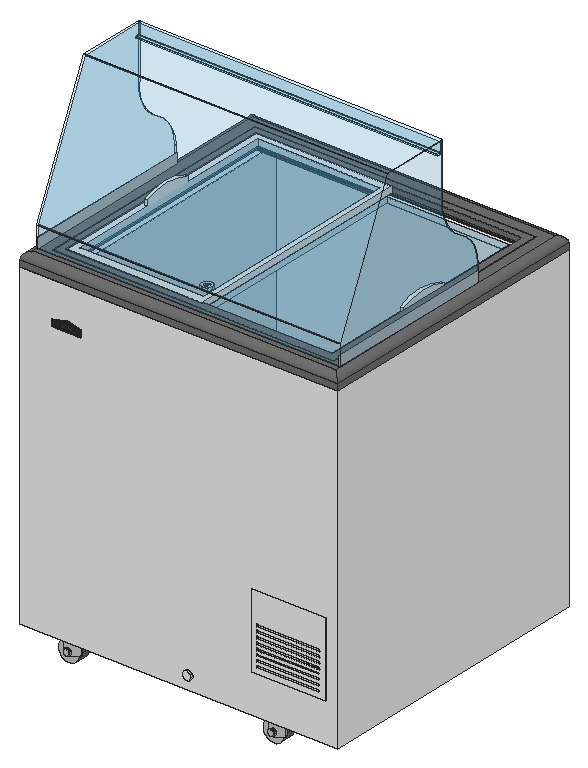
Revit family "Qf_Summit_NOVA22PDC_7.2 Cu.Ft. Dipping Cabinet", category Specialty Equipment, Revit 2020
Family settings
  Round Connector Dimension = Use Diameter
  Part Type = Normal
  Work Plane-Based = No
  Always vertical = Yes
  Cut with Voids When Loaded = No
  Shared = No
  Room Calculation Point = No
Parameters
  Weight in Pounds = 130
  Watts = FL Amps * Volts  # 828 W
  Volts = 115 V
  URL Cutsheet = ""
  Specification by User = ""
  Specification by Manufacturer = ""
  Show Clearance [instance] = yes
  Serial Number = ""
  Seismic Rating = ""
  SMACNA No = ""
  Revision Code = ""
  Refrigerant Volume = 0.00 kip
  Refrigerant Type = "R290a"
  Phase = 1
  Number of Poles = 1
  NAFEM Spec ID Number = ""
  Model = "NOVA22PDC"
  Min Ckt Ampacity = 0 A
  Max Overcurrent Protection = 0 A
  Masterspec = ""
  Manufacturer = "Summit"
  Length = 30"
  Item Number = ""
  Installed By = ""
  Identify Quantity as Lot = yes
  Height = 48 1/4"
  HP = ""
  Furnished By = ""
  Foodservice Equipment Identifier = yes
  FL Amps = 7.2 A
  Electrical Remarks = ""
  Electric Connection Type = ""
  Elec Conn RI Height = 0"
  Elec Conn Connection Height = 0"
  Description = "7.2 Cu.Ft. Dipping Cabinet"
  Depth = 27 1/4"
  Default Elevation = 0"
  Cycle = 60 Hz
  Conn Plug = ""
  Conn Conduit = yes
  CSI MasterFormat = ""
  Apparent Power = 828 VA
Reference planes (in)
  plane 1: z = 0
  plane 2 "LEFT": x = 0
  plane 3 "RIGHT": x = 30
  plane 4 "FRONT": y = -28
  plane 5 "TOP": z = 34.25
  plane 6 "Center Y": x = 15
  plane 7 "Center X": y = -14.375
  plane 8 "BACK": y = -0.75
  plane 9: z = 2.75
  plane 10: x = 0.75
  plane 11: x = 3.71343
  plane 12: x = 23.05641
  plane 13: x = 3.125
  plane 14: x = 26.875
  plane 15: x = 19
  plane 16: z = 45.5
  plane 17: z = 48.25
Forms (in)
  Sweep 1, solid, material "QF_Plastic_Dark_Grey"
    path origin (0, 0, 0) x (1, 0, 0) y (0, 1, 0)
      loop
        line (0, -0.75) -> (0, -28) -> (30, -28) -> (30, -0.75) -> (0, -0.75)
    profile origin (0, -14.375, 0) x (1, 0, 0) y (0, 0, 1)
      loop
        line (0, 33) -> (1.7, 33) -> (1.7, 34.25) -> (0.75, 34.25) -> (0.67874, 34.25)
        arc (0.67874, 34.25) -> (0.1988, 34.0512) -> (0, 33.57126) r 0.67874
        line (0, 33.57126) -> (0, 33)
  Extrusion 2, solid, material "QF_Metallic_Paint_White_Smooth"
    sketch origin (0, 0, 0) x (1, 0, 0) y (0, 1, 0)
      loop
        line (3.125, -27) -> (26.875, -27) -> (26.875, -1.75) -> (3.125, -1.75) -> (3.125, -27)
      loop
        line (30, -0.75) -> (0, -0.75) -> (0, -28) -> (30, -28) -> (30, -0.75)
    from 2.75 to 33
  Extrusion 3, solid, material "QF_Metallic_Paint_White_Smooth"
    sketch origin (0, 0, 0) x (1, 0, 0) y (0, 1, 0)
      loop
        line (2.4, -3.15) -> (2.4, -25.6) -> (15.25, -25.6) -> (15.25, -3.15) -> (2.4, -3.15)
      loop
        line (3.075, -3.8) -> (3.075, -24.8) -> (14.75, -24.8) -> (14.75, -3.8) -> (3.075, -3.8)
    from 33.70906 to 34.25
  Extrusion 4, solid, material "Glass"
    sketch origin (0, 0, 0) x (1, 0, 0) y (0, 1, 0)
      loop
        line (3.075, -3.8) -> (3.075, -24.8) -> (14.75, -24.8) -> (14.75, -3.8) -> (3.075, -3.8)
    from 33.63932 to 34.25
  Extrusion 5, solid, material "QF_Metallic_Paint_White_Smooth"
    sketch origin (0, -0.75, 0) x (1, 0, 0) y (0, 0, 1)
      loop
        line (1, 5.63) -> (1, 2.75) -> (26.875, 2.75) -> (26.875, 15.38) -> (19, 15.38) -> (19, 5.63) -> (1, 5.63)
    from 1 to 26.25
  Sweep 6, solid, material "QF_Plastic_Dark_Grey"
    path origin (30, -0.23757, 34.27864) x (-1, 0, 0) y (0, -1, 0)
      loop
        line (27.6, 2.91243) -> (27.6, 25.36243) -> (2.4, 25.36243) -> (2.4, 2.91243) -> (27.6, 2.91243)
    profile origin (15, -3.15, 34.27864) x (0, 1, 0) y (0, 0, 1)
      loop
        line (0, -0.02864) -> (0, -0.56958) -> (-0.23757, -0.56958) -> (-0.23757, -0.63932) -> (0, -0.63932) -> (0, -1.18026) -> (-0.23757, -1.18026) -> (-0.23757, -1.27864) -> (0.7, -1.27864) -> (0.7, -0.02864) -> (0, -0.02864)
  Extrusion 7, solid, material "QF_Metallic_Paint_White_Smooth"
    sketch origin (30, 0, -0.61068) x (-1, 0, 0) y (0, -1, 0)
      loop
        line (2.4, 3.15) -> (15.25, 3.15) -> (15.25, 25.45) -> (2.4, 25.45) -> (2.4, 3.15)
      loop
        line (3.075, 3.8) -> (14.75, 3.8) -> (14.75, 24.8) -> (3.075, 24.8) -> (3.075, 3.8)
    from 33.70906 to 34.25
  Extrusion 8, solid, material "Glass"
    sketch origin (30, 0, -0.61068) x (-1, 0, 0) y (0, -1, 0)
      loop
        line (3.075, 3.8) -> (14.75, 3.8) -> (14.75, 24.8) -> (3.075, 24.8) -> (3.075, 3.8)
    from 33.70906 to 34.25
  Extrusion 9, solid, material "QF_Metallic_Paint_White_Smooth"
    sketch origin (23.88, 0, 0) x (0, 1, 0) y (0, 0, 1)
      loop
        line (-16.73455, 34.25) -> (-12.01545, 34.25) -> (-12.01545, 34.75)
        arc (-12.01545, 34.75) -> (-14.375, 35.25) -> (-16.73455, 34.75) r 5.8175
        line (-16.73455, 34.75) -> (-16.73455, 34.25)
    from -21.14193 to -20.805
  Extrusion 10, solid, material "QF_Metallic_Paint_White_Smooth"
    sketch origin (6.12, 0, -0.61068) x (0, 1, 0) y (0, 0, -1)
      loop
        line (-16.73455, -34.25) -> (-16.73455, -34.75)
        arc (-16.73455, -34.75) -> (-14.375, -35.25) -> (-12.01545, -34.75) r 5.8175
        line (-12.01545, -34.75) -> (-12.01545, -34.25) -> (-16.73455, -34.25)
    from -21.14193 to -20.805
  Extrusion 11, solid, material "QF_Metallic_Paint_White_Smooth"
    sketch origin (0, -28, 0) x (1, 0, 0) y (0, 0, 1)
      loop
        line (21.875, 13.375) -> (21.875, 6.375) -> (28.875, 6.375) -> (28.875, 13.375) -> (21.875, 13.375)
      loop
        line (22.375, 10.625) -> (22.375, 10.375) -> (28.375, 10.375) -> (28.375, 10.625) -> (22.375, 10.625)
      loop
        line (28.375, 10.125) -> (22.375, 10.125) -> (22.375, 9.875) -> (28.375, 9.875) -> (28.375, 10.125)
      loop
        line (22.375, 9.625) -> (22.375, 9.375) -> (28.375, 9.375) -> (28.375, 9.625) -> (22.375, 9.625)
      loop
        line (28.375, 9.125) -> (22.375, 9.125) -> (22.375, 8.875) -> (28.375, 8.875) -> (28.375, 9.125)
      loop
        line (22.375, 8.625) -> (22.375, 8.375) -> (28.375, 8.375) -> (28.375, 8.625) -> (22.375, 8.625)
      loop
        line (28.375, 8.125) -> (22.375, 8.125) -> (22.375, 7.875) -> (28.375, 7.875) -> (28.375, 8.125)
      loop
        line (22.375, 7.625) -> (22.375, 7.375) -> (28.375, 7.375) -> (28.375, 7.625) -> (22.375, 7.625)
      loop
        line (28.375, 7.125) -> (22.375, 7.125) -> (22.375, 6.875) -> (28.375, 6.875) -> (28.375, 7.125)
    from 0 to 0.03125
  Extrusion 12, solid, material "QF_Metallic_Paint_White_Smooth"
    sketch origin (0, -0.75, 0) x (1, 0, 0) y (0, 0, 1)
      loop
        circle (27, 5.375) r 0.25
    from 0 to -0.23344
  Extrusion 13, solid, material "QF_Metallic_Paint_White_Smooth"
    sketch origin (0, -28, 0) x (1, 0, 0) y (0, 0, 1)
      loop
        circle (15.875, 4) r 0.40028
    from 0 to 0.15886
  Extrusion 14, solid, material "QF_Metal - Stainless - Polished"
    sketch origin (0, 0, 0) x (1, 0, 0) y (0, 1, 0)
      loop
        circle (14, -23.4375) r 0.5
      loop
        circle (14, -23.4375) r 0.25
      loop
        line (13.96875, -23.48766) -> (13.96875, -23.63444)
        arc (13.96875, -23.63444) -> (14, -23.66569) -> (14.03125, -23.63444) r 0.03125
        line (14.03125, -23.63444) -> (14.03125, -23.48766)
        arc (14.03125, -23.48766) -> (14, -23.3784) -> (13.96875, -23.48766) r 0.0591
    from 34.13696 to 34.35247
Cuts and joins
  joined: Extrusion 2, Extrusion 5, Extrusion 11, Extrusion 12
  joined: Extrusion 3, Extrusion 9
  joined: Extrusion 7, Extrusion 10
Lines and regions (in)
  Split face 1
    outline origin (21.875, -28.03125, 13.375) x (-1, 0, 0) y (0, 0, -1)
      loop
        arc (-2, 1.7125) -> (-2.02929, 1.78321) -> (-2.1, 1.8125) r 0.1
        line (-2.1, 1.8125) -> (-4.9, 1.8125)
        arc (-4.9, 1.8125) -> (-4.97071, 1.78321) -> (-5, 1.7125) r 0.1
        line (-5, 1.7125) -> (-5, 0.6)
        arc (-5, 0.6) -> (-4.97071, 0.52929) -> (-4.9, 0.5) r 0.1
        line (-4.9, 0.5) -> (-2.1, 0.5)
        arc (-2.1, 0.5) -> (-2.02929, 0.52929) -> (-2, 0.6) r 0.1
        line (-2, 0.6) -> (-2, 1.7125)
  Split face 2
    outline origin (21.875, -28.03125, 13.375) x (-1, 0, 0) y (0, 0, -1)
      loop
        line (-2.625, 0.6875) -> (-2.625, 1.375) -> (-4.374, 1.375) -> (-4.374, 0.6875) -> (-2.625, 0.6875)
  Split face 3
    outline origin (21.875, -28.03125, 13.375) x (-1, 0, 0) y (0, 0, -1)
      loop
        arc (-2.4061, 0.67406) -> (-2.3125, 0.54855) -> (-2.2189, 0.67406) r 0.09766
        arc (-2.2189, 0.67406) -> (-2.24545, 0.75668) -> (-2.26367, 0.84152) r 0.87424
        line (-2.26367, 0.84152) -> (-2.26974, 0.93917) -> (-2.35526, 0.93917) -> (-2.36133, 0.84152)
        arc (-2.36133, 0.84152) -> (-2.37955, 0.75668) -> (-2.4061, 0.67406) r 0.87424
  Split face 4
    outline origin (21.875, -28.03125, 13.375) x (-1, 0, 0) y (0, 0, -1)
      loop
        line (-4.59026, 0.82885) -> (-4.6875, 0.81322) -> (-4.78474, 0.82885) -> (-4.6875, 0.66041) -> (-4.59026, 0.82885)
  Split face 5
    outline origin (21.875, -28.03125, 13.375) x (-1, 0, 0) y (0, 0, -1)
      loop
        line (-4.6875, 1.09273) -> (-4.59026, 1.07711) -> (-4.6875, 1.24554) -> (-4.78474, 1.07711) -> (-4.6875, 1.09273)
  Split face 6
    outline origin (21.875, -28.03125, 13.375) x (-1, 0, 0) y (0, 0, -1)
      loop
        arc (-4.67187, 1.54954) -> (-4.6875, 1.73573) -> (-4.70312, 1.54954) r 0.09375
        line (-4.70312, 1.54954) -> (-4.70312, 1.48913) -> (-4.67187, 1.48913) -> (-4.67187, 1.54954)
  symbolic lines
    curve 1: line (0, -0.75, 0) -> (30, -0.75, 0)
    curve 2: line (0, -28, 0) -> (0, -0.75, 0)
    curve 3: line (30, -28, 0) -> (0, -28, 0)
    curve 4: line (30, -0.75, 0) -> (30, -28, 0)
    curve 5: line (28.3, -10.5, 0) -> (28.3, -2.45, 0)
    curve 6: line (1.7, -2.45, 0) -> (1.7, -26.3, 0)
    curve 7: line (28.3, -2.45, 0) -> (1.7, -2.45, 0)
    curve 8: line (28.3, -26.3, 0) -> (28.3, -2.45, 0)
    curve 9: line (26.925, -3.8, 0) -> (15.25, -3.8, 0)
    curve 10: line (3.075, -3.8, 0) -> (3.075, -10.5, 0)
    curve 11: line (26.925, -24.8, 0) -> (26.925, -3.8, 0)
    curve 12: line (15.25, -10.5, 0) -> (15.25, -3.8, 0)
    curve 13: line (14.75, -10.5, 0) -> (14.75, -3.8, 0)
    curve 14: line (2.4, -3.15, 0) -> (2.4, -25.6, 0)
    curve 15: line (27.6, -25.6, 0) -> (27.6, -3.15, 0)
    curve 16: line (27.6, -3.15, 0) -> (2.4, -3.15, 0)
    curve 17: line (29, -26.875, 0) -> (29, -1.75, 0)
    curve 18: line (1, -1.75, 0) -> (29, -1.75, 0)
    curve 19: line (1, -26.875, 0) -> (1, -1.75, 0)
    curve 20: line (19, -3.8, 0) -> (19, -24.8, 0)
    curve 21: arc (14.5, -23.4375, 0) -> (14, -22.9375, 0) -> (13.5, -23.4375, 0) r 0.5
    curve 22: arc (13.5, -23.4375, 0) -> (14, -23.9375, 0) -> (14.5, -23.4375, 0) r 0.5
    curve 23: arc (13.75, -23.4375, 0) -> (14, -23.1875, 0) -> (14.25, -23.4375, 0) r 0.25
    curve 24: arc (14.25, -23.4375, 0) -> (14, -23.6875, 0) -> (13.75, -23.4375, 0) r 0.25
    curve 25: line (13.96875, -23.48766, 0) -> (13.96875, -23.63444, 0)
    curve 26: arc (13.96875, -23.63444, 0) -> (14, -23.66569, 0) -> (14.03125, -23.63444, 0) r 0.03125
    curve 27: line (14.03125, -23.63444, 0) -> (14.03125, -23.48766, 0)
    curve 28: arc (14.03125, -23.48766, 0) -> (14, -23.3784, 0) -> (13.96875, -23.48766, 0) r 0.0591
    curve 29: line (1.7, -26.3, 0) -> (28.3, -26.3, 0)
    curve 30: line (1.7, -26.3, 0) -> (28.3, -26.3, 0)
    curve 31: line (27.6, -25.6, 0) -> (2.4, -25.6, 0)
    curve 32: line (2.73807, -12.01545, 0) -> (2.73807, -16.73455, 0)
    curve 33: line (3.075, -12.01545, 0) -> (2.73807, -12.01545, 0)
    curve 34: line (2.73807, -16.73455, 0) -> (3.075, -16.73455, 0)
    curve 35: line (27.26193, -12.01545, 0) -> (27.26193, -16.73455, 0)
    curve 36: line (26.925, -12.01545, 0) -> (27.26193, -12.01545, 0)
    curve 37: line (27.26193, -16.73455, 0) -> (26.925, -16.73455, 0)
    curve 38: line (26.925, -24.8, 0) -> (15.25, -24.8, 0)
    curve 39: line (3.075, -24.8, 0) -> (14.75, -24.8, 0)
    curve 40: line (14.75, -24.8, 0) -> (14.75, -3.8, 0)
    curve 41: line (14.75, -3.8, 0) -> (3.075, -3.8, 0)
    curve 42: line (3.075, -3.8, 0) -> (3.075, -24.8, 0)
    curve 43: line (15.25, -25.6, 0) -> (15.25, -3.15, 0)
    curve 44: line (14.75, -3.8, 0) -> (3.075, -3.8, 0)
Dimensions and locks (in)
  equal spacing: plane 2 "LEFT", plane 6 "Center Y", plane 3 "RIGHT"
  "Length": plane 2 "LEFT" to plane 3 "RIGHT"
  equal spacing: plane 4 "FRONT", plane 7 "Center X", plane 8 "BACK"
  plane 5 "TOP" to level = 34 1/4"  (x3)
  plane 3 "RIGHT" to plane 2 "LEFT" = 30"
  "Depth": plane 4 "FRONT" to plane 8 "BACK"
  plane 9 to level = 2 3/4"  (x2)
  locked: plane 11 to plane 2 "LEFT" at 3.71343
  locked: plane 3 "RIGHT" to plane 12 at 6.94359
  plane 5 "TOP" to plane 9 = 31 1/2"
  nested 1 to plane 5 "TOP" = 14"
  cut or joined group of Extrusion 7, Extrusion 10 to cut or joined group of Extrusion 7, Extrusion 10 = 21"
  cut or joined group of Extrusion 2, Extrusion 5, Extrusion 11, Extrusion 12 to plane 14 = 7 7/8"
  plane 15 to plane 14 = 7 7/8"
  plane 14 to plane 15 = 7 7/8"
  plane 16 to plane 1 = 45 1/2"
  plane 17 to level = 48 1/4"
  aligned and locked: level to plane 1
  aligned and locked: nested 2 to plane 11
  aligned and locked: nested 3 to plane 11
  aligned and locked: nested 4 to plane 12
  aligned and locked: nested 5 to plane 12
  aligned and locked: Extrusion 5 to Extrusion 2  (x2)
  aligned and locked: Extrusion 3 to Extrusion 4  (x3)
  aligned and locked: Extrusion 8 to Extrusion 7  (x3)
  aligned and locked: plane 4 "FRONT" to nested 6
Automatic sketch dimensions
  Sweep 1 sketch curve to plane 2 "LEFT" = 0"
  Sweep 1 sketch curve to plane 3 "RIGHT" = 0"
  plane 4 "FRONT" to Sweep 1 sketch curve = 0"
  plane 8 "BACK" to Sweep 1 sketch curve = 0"
  profile plane to Sweep 1 sketch curve = 0"
  plane 10 to Sweep 1 sketch curve = 0"
  Sweep 1 sketch curve to Sweep 1 sketch curve = 0.07126"
  Sweep 1 sketch curve to plane 10 = 0.95"
  level to Sweep 1 sketch curve = 33"
  Sweep 1 sketch curve to Sweep 1 sketch curve = 0.57126"
  Extrusion 2 sketch curve to plane 2 "LEFT" = 0"
  Extrusion 2 sketch curve to plane 13 = 0"
  Extrusion 2 sketch curve to plane 14 = 0"
  Extrusion 2 sketch curve to plane 3 "RIGHT" = 0"
  plane 4 "FRONT" to Extrusion 2 sketch curve = 0"
  plane 8 "BACK" to Extrusion 2 sketch curve = 0"
  Extrusion 2 sketch curve to plane 4 "FRONT" = 1"
  plane 8 "BACK" to Extrusion 2 sketch curve = 1"
  plane 13 to Extrusion 3 sketch curve = 0.725"
  plane 13 to Extrusion 3 sketch curve = 0.05"
  Extrusion 3 sketch curve to plane 6 "Center Y" = 1/4"
  plane 6 "Center Y" to Extrusion 3 sketch curve = 1/4"
  Extrusion 3 sketch curve to plane 4 "FRONT" = 2.4"
  Extrusion 3 sketch curve to Extrusion 3 sketch curve = 0.8"
  plane 8 "BACK" to Extrusion 3 sketch curve = 3.05"
  Extrusion 3 sketch curve to Extrusion 3 sketch curve = 0.65"
  plane 13 to Extrusion 4 sketch curve = 0.05"
  Extrusion 4 sketch curve to plane 6 "Center Y" = 1/4"
  Extrusion 4 sketch curve to plane 4 "FRONT" = 3.2"
  plane 8 "BACK" to Extrusion 4 sketch curve = 3.05"
  Extrusion 5 sketch curve to plane 9 = 0"
  Extrusion 5 sketch curve to plane 15 = 0"
  Extrusion 5 sketch curve to plane 14 = 0"
  plane 2 "LEFT" to Extrusion 5 sketch curve = 1"
  Extrusion 5 sketch curve to plane 9 = 2.88"
  Extrusion 5 sketch curve to Extrusion 5 sketch curve = 9 3/4"
  Sweep 6 sketch curve to profile plane = 0"  (x2)
  Sweep 6 sketch curve to Sweep 6 sketch curve = 0.23757"
  profile plane to Sweep 6 sketch curve = 0.23757"
  Sweep 6 sketch curve to profile plane = 0.02864"
  Sweep 6 sketch curve to profile plane = 0.7"
  Sweep 6 sketch curve to profile plane = 0.56958"
  Sweep 6 sketch curve to Sweep 6 sketch curve = 0.06974"
  Sweep 6 sketch curve to Sweep 6 sketch curve = 0.54094"
  Sweep 6 sketch curve to Sweep 6 sketch curve = 0.09838"
  Extrusion 7 sketch curve to plane 14 = 0.725"
  Extrusion 7 sketch curve to plane 14 = 0.05"
  Extrusion 7 sketch curve to plane 6 "Center Y" = 1/4"
  plane 6 "Center Y" to Extrusion 7 sketch curve = 1/4"
  plane 4 "FRONT" to Extrusion 7 sketch curve = 2.55"
  Extrusion 7 sketch curve to Extrusion 7 sketch curve = 0.65"  (x2)
  Extrusion 7 sketch curve to plane 8 "BACK" = 3.05"
  Extrusion 8 sketch curve to plane 14 = 0.05"
  Extrusion 8 sketch curve to plane 6 "Center Y" = 1/4"
  plane 4 "FRONT" to Extrusion 8 sketch curve = 3.2"
  Extrusion 8 sketch curve to plane 8 "BACK" = 3.05"
  Extrusion 9 sketch curve to plane 5 "TOP" = 0"
  Extrusion 9 sketch curve to plane 7 "Center X" = 0"
  Extrusion 9 sketch curve to plane 7 "Center X" = 2.35955"
  plane 5 "TOP" to Extrusion 9 sketch curve = 1/2"
  plane 7 "Center X" to Extrusion 9 sketch curve = 2.35955"
  Extrusion 9 sketch curve to plane 5 "TOP" = 4.8175"
  Extrusion 10 sketch curve to plane 7 "Center X" = 0"
  Extrusion 10 sketch curve to plane 5 "TOP" = 0.61068"
  Extrusion 10 sketch curve to plane 7 "Center X" = 2.35955"
  Extrusion 10 sketch curve to plane 5 "TOP" = 0.11068"
  plane 7 "Center X" to Extrusion 10 sketch curve = 2.35955"
  Extrusion 10 sketch curve to Extrusion 10 sketch curve = 4.8175"
  Extrusion 2 to Extrusion 11 sketch curve = 3 5/8"
  Extrusion 11 sketch curve to Extrusion 2 = 8 1/8"
  Extrusion 11 sketch curve to Extrusion 11 sketch curve = 1/2"  (x4)
  Extrusion 11 sketch curve to Extrusion 11 sketch curve = 0"  (x13)
  Extrusion 11 sketch curve to Extrusion 2 = 1 5/8"
  Extrusion 11 sketch curve to Extrusion 11 sketch curve = 1/4"  (x15)
  Extrusion 11 sketch curve to Extrusion 11 sketch curve = 2 3/4"
  cut or joined group of Extrusion 2, Extrusion 5, Extrusion 11, Extrusion 12 to Split face 1 sketch curve = 1 1/2"
  Split face 1 sketch curve to Split face 1 sketch curve = 0.1"  (x3)
  Split face 1 sketch curve to cut or joined group of Extrusion 2, Extrusion 5, Extrusion 11, Extrusion 12 = 0.6"
  cut or joined group of Extrusion 2, Extrusion 5, Extrusion 11, Extrusion 12 to Split face 1 sketch curve = 1.6"
  Split face 1 sketch curve to Split face 1 sketch curve = 0"
  Split face 1 sketch curve to cut or joined group of Extrusion 2, Extrusion 5, Extrusion 11, Extrusion 12 = 1.0375"
  Split face 2 sketch curve to cut or joined group of Extrusion 2, Extrusion 5, Extrusion 11, Extrusion 12 = 11/16"
  cut or joined group of Extrusion 2, Extrusion 5, Extrusion 11, Extrusion 12 to Split face 2 sketch curve = 2.126"
  Split face 2 sketch curve to Split face 2 sketch curve = 1.749"
  Split face 2 sketch curve to Split face 2 sketch curve = 11/16"
  Split face 3 sketch curve to cut or joined group of Extrusion 2, Extrusion 5, Extrusion 11, Extrusion 12 = 0.98248"
  cut or joined group of Extrusion 2, Extrusion 5, Extrusion 11, Extrusion 12 to Split face 3 sketch curve = 2.72413"
  Split face 3 sketch curve to cut or joined group of Extrusion 2, Extrusion 5, Extrusion 11, Extrusion 12 = 0.84152"  (x2)
  Split face 3 sketch curve to Split face 3 sketch curve = 0.8628"
  Split face 3 sketch curve to Split face 3 sketch curve = 0.00606"
  Split face 3 sketch curve to Split face 3 sketch curve = 0.04883"
  Split face 3 sketch curve to Split face 3 sketch curve = 0.08553"
  Split face 3 sketch curve to Split face 3 sketch curve = 25/256"  (x2)
  Split face 3 sketch curve to Split face 3 sketch curve = 0.86886"
  Split face 3 sketch curve to Split face 3 sketch curve = 25/128"
  Split face 3 sketch curve to Split face 3 sketch curve = 0.04331"
  Split face 3 sketch curve to Split face 3 sketch curve = 0.0936"
  Split face 4 sketch curve to cut or joined group of Extrusion 2, Extrusion 5, Extrusion 11, Extrusion 12 = 0.82885"  (x2)
  cut or joined group of Extrusion 2, Extrusion 5, Extrusion 11, Extrusion 12 to Split face 4 sketch curve = 1.71526"
  Split face 4 sketch curve to cut or joined group of Extrusion 2, Extrusion 5, Extrusion 11, Extrusion 12 = 0.66041"
  Split face 4 sketch curve to Split face 4 sketch curve = 0.09724"  (x3)
  Split face 4 sketch curve to cut or joined group of Extrusion 2, Extrusion 5, Extrusion 11, Extrusion 12 = 0.81322"
  cut or joined group of Extrusion 2, Extrusion 5, Extrusion 11, Extrusion 12 to Split face 5 sketch curve = 1.71526"
  Split face 5 sketch curve to Split face 5 sketch curve = 0.09724"  (x2)
  Split face 5 sketch curve to Split face 5 sketch curve = 0"  (x2)
  Split face 5 sketch curve to cut or joined group of Extrusion 2, Extrusion 5, Extrusion 11, Extrusion 12 = 1.07711"
  Split face 5 sketch curve to Split face 5 sketch curve = 1/64"
  Split face 5 sketch curve to Split face 5 sketch curve = 0.15281"
  cut or joined group of Extrusion 2, Extrusion 5, Extrusion 11, Extrusion 12 to Split face 6 sketch curve = 1 51/64"
  Split face 6 sketch curve to Split face 6 sketch curve = 1/64"
  Split face 6 sketch curve to Split face 6 sketch curve = 1/32"
  Split face 6 sketch curve to cut or joined group of Extrusion 2, Extrusion 5, Extrusion 11, Extrusion 12 = 1.26087"
  Split face 6 sketch curve to Split face 6 sketch curve = 0.06041"
  Split face 6 sketch curve to Split face 6 sketch curve = 0.09244"
  plane 14 to Extrusion 12 sketch curve = 1/8"
  Extrusion 12 sketch curve to plane 9 = 2 5/8"
  plane 6 "Center Y" to Extrusion 13 sketch curve = 7/8"
  Extrusion 13 sketch curve to plane 9 = 1 1/4"
  Extrusion 14 sketch curve to Extrusion 14 sketch curve = 0"  (x6)
  Extrusion 14 sketch curve to plane 6 "Center Y" = 1 1/32"
  Extrusion 14 sketch curve to Extrusion 14 sketch curve = 1/32"  (x2)
  Extrusion 14 sketch curve to plane 4 "FRONT" = 4.36556"
  Extrusion 14 sketch curve to Extrusion 14 sketch curve = 0.14678"
  Extrusion 14 sketch curve to Extrusion 14 sketch curve = 0.05016"
  plane 14 to Sweep 6 sketch curve = 0.725"
  plane 13 to Sweep 6 sketch curve = 0.725"
  plane 8 "BACK" to Sweep 6 sketch curve = 2.4"
  Sweep 6 sketch curve to plane 4 "FRONT" = 2.4"
  curve 21 to curve 23 = 0"  (x2)
  curve 21 to curve 28 = 0"  (x2)
  curve 3 to plane 2 "LEFT" = 0"
  curve 20 to plane 15 = 0"
  curve 1 to plane 3 "RIGHT" = 0"
  plane 4 "FRONT" to curve 3 = 0"
  plane 8 "BACK" to curve 4 = 0"
  plane 2 "LEFT" to curve 19 = 1"
  curve 19 to curve 30 = 0.7"
  plane 13 to curve 14 = 0.725"
  plane 13 to curve 32 = 0.38693"
  plane 13 to curve 10 = 0.05"
  curve 25 to plane 6 "Center Y" = 1 1/32"
  curve 28 to curve 24 = 1/32"
  curve 26 to curve 26 = 1/32"
  curve 13 to plane 6 "Center Y" = 1/4"
  plane 14 to curve 11 = 0.05"
  curve 37 to curve 37 = 0.33693"
  plane 14 to curve 31 = 0.725"
  curve 15 to curve 5 = 0.7"  (x2)
  curve 5 to curve 17 = 0.7"
  curve 30 to plane 4 "FRONT" = 1.7"
  curve 8 to curve 15 = 0.7"
  curve 43 to curve 39 = 0.8"
  curve 15 to curve 38 = 0.8"
  curve 39 to curve 25 = 1.16556"
  curve 26 to curve 27 = 0.14678"
  curve 27 to curve 22 = 0.05016"
  curve 34 to plane 7 "Center X" = 2.35955"
  curve 35 to plane 7 "Center X" = 2.35955"
  plane 7 "Center X" to curve 36 = 2.35955"
  plane 7 "Center X" to curve 33 = 2.35955"
  plane 8 "BACK" to curve 10 = 3.05"
  plane 8 "BACK" to curve 9 = 3.05"
  curve 10 to curve 14 = 0.65"
  curve 6 to curve 19 = 0.7"
  curve 21 to curve 25 = 15/32"
  curve 24 to curve 25 = 7/32"
  plane 6 "Center Y" to curve 43 = 1/4"
  plane 6 "Center Y" to curve 9 = 1/4"
  curve 17 to curve 8 = 0.575"
  curve 19 to curve 6 = 0.575"
  plane 7 "Center X" to curve 12 = 3 7/8"
  curve 13 to curve 12 = 0"
  curve 33 to curve 10 = 1.51545"
  curve 35 to curve 5 = 1.51545"
  radius of Extrusion 12 sketch curve = 1/4"
  radius of Extrusion 13 sketch curve = 0.40028"
  radius of Extrusion 14 sketch curve = 1/2"
  radius of Extrusion 14 sketch curve = 1/4"
Nested families (in)
  nested 1: "FSNEEZEGUARD for NOVA 22" at (2.80028, 3.125, 33), type "FSNEEZEGUARD for NOVA 22"
  nested 2: "2-34 INCHES_CASTER" at (3.71343, -25.875, 0) x (0, -1, 0) z (0, 0, 1), type "2-34 INCHES_CASTER"
    with Type Mark "", Specification by User "", Show 4.25" Casters yes, Right Lock yes, Revision Code "", Left Lock yes, Item Number "", Installed By "", Identify Quantity as Lot yes, Furnished By "", Foodservice Equipment Identifier yes
  nested 3: "2-34 INCHES_CASTER" at (3.71343, -2.875, 0) x (0, -1, 0) z (0, 0, 1), type "2-34 INCHES_CASTER"
    with Type Mark "", Specification by User "", Show 4.25" Casters yes, Right Lock yes, Revision Code "", Left Lock yes, Item Number "", Installed By "", Identify Quantity as Lot yes, Furnished By "", Foodservice Equipment Identifier yes
  nested 4: "2-34 INCHES_CASTER" at (23.05641, -25.875, 0) x (0, -1, 0) z (0, 0, 1), type "2-34 INCHES_CASTER"
    with Type Mark "", Specification by User "", Show 4.25" Casters yes, Right Lock yes, Revision Code "", Left Lock yes, Item Number "", Installed By "", Identify Quantity as Lot yes, Furnished By "", Foodservice Equipment Identifier yes
  nested 5: "2-34 INCHES_CASTER" at (23.05641, -2.875, 0) x (0, -1, 0) z (0, 0, 1), type "2-34 INCHES_CASTER"
    with Type Mark "", Specification by User "", Show 4.25" Casters yes, Right Lock yes, Revision Code "", Left Lock yes, Item Number "", Installed By "", Identify Quantity as Lot yes, Furnished By "", Foodservice Equipment Identifier yes
  nested 6: "QF_LOGO_SUMMIT" at (3, -28, 29.01586), type "QF_LOGO_SUMMIT"
    with Show Logo yes
Connectors (in)
  electrical at (27, -0.51656, 5.375)
    settings: on cut or joined group of Extrusion 2, Extrusion 5, Extrusion 11, Extrusion 12, index 1, voltage 0 V, apparent load 0 VA, apparent load phase1 0 VA, apparent load phase2 0 VA, apparent load phase3 0 VA, power factor 1, load classification "Other", number of poles 1, system type 31, power factor state 1, is connector primary yes, connector utility no, sub classification motor no, connector description ""
  piping at (15.875, -28.15886, 4), diameter 0.75
    settings: on Extrusion 13, index 2, connector inside diameter 24", connector length 0", flow factor 0, pipe flow 0 GPM, pressure drop 0.00 psi, fitting loss kfactor 0, connector angle 0.00°, fixture units 0, engagement length 0", angle of deflection 0.00°, flow configuration 1, flow direction 2, fitting loss method 0, system type 16, joint type 0, gender type 0, connector reference index -1, connector utility 0, adjustable connector no, is connector primary yes, connector description "Drain"
Definition of nested family "FSNEEZEGUARD for NOVA 22"
  Parameters (values of type "FSNEEZEGUARD for NOVA 22")
    Model = ""
    Manufacturer = ""
    Length = 28 3/4"
    Height = 15 1/4"
    Description = ""
    Depth = 16 3/8"
    Default Elevation = 0"
  Reference planes (in)
    plane 1 "BACK": y = -13.625
    plane 2: z = 0
    plane 3 "LEFT": x = -2.175
    plane 4 "RIGHT": x = 26.575
    plane 5 "FRONT": y = -30
    plane 6 "TOP": z = 15.25
    plane 7 "Center Y": x = 12.2
    plane 8 "Center X": y = -21.8125
    plane 9: z = 1.25
    plane 10: z = 3.25
    plane 11: z = 2.25
    plane 12: z = 10.25
    plane 13: z = 14
  Forms (in)
    Extrusion 1, solid
      sketch origin (23.88, 0, 0) x (0, 1, 0) y (0, 0, 1)
        loop
          line (-29.875, 1.25) -> (-29.875, 3.22229) -> (-24.32467, 15.125) -> (-18.02931, 15.125) -> (-18.02931, 14.125) -> (-18.40431, 14.125) -> (-18.40431, 14) -> (-17.90431, 14) -> (-17.90431, 15.25) -> (-24.40431, 15.25) -> (-30, 3.25) -> (-30, 1.25) -> (-29.875, 1.25)
      from -26.055 to 2.695
    Extrusion 2, solid
      sketch origin (23.88, 0, 0) x (0, 1, 0) y (0, 0, 1)
        loop
          line (-30, 1.25) -> (-13.625, 1.25) -> (-13.625, 2.81069)
          arc (-13.625, 2.81069) -> (-14.23911, 4.81516) -> (-15.76759, 6.25) r 4.07972
          arc (-15.76759, 6.25) -> (-17.47369, 8.00035) -> (-17.87306, 10.41179) r 4.07972
          line (-17.87306, 10.41179) -> (-17.87306, 15.25) -> (-24.40431, 15.25) -> (-30, 3.25) -> (-30, 1.25)
      from -26.055 to -25.93
    Extrusion 3, solid
      sketch origin (23.88, 0, 0) x (0, 1, 0) y (0, 0, 1)
        loop
          line (-30, 2.25) -> (-30, 1.25) -> (-13.625, 1.25) -> (-13.625, 2.25) -> (-30, 2.25)
      from 2.54996 to 2.57
    Extrusion 4, solid
      sketch origin (0.52, 0, 0) x (0, 1, 0) y (0, 0, -1)
        loop
          line (-30, -1.25) -> (-30, -3.25) -> (-24.40431, -15.25) -> (-17.87306, -15.25) -> (-17.87306, -10.41179)
          arc (-17.87306, -10.41179) -> (-17.47369, -8.00035) -> (-15.76759, -6.25) r 4.07972
          arc (-15.76759, -6.25) -> (-14.23911, -4.81516) -> (-13.625, -2.81069) r 4.07972
          line (-13.625, -2.81069) -> (-13.625, -1.25) -> (-30, -1.25)
      from -26.055 to -25.93
    Extrusion 5, solid
      sketch origin (0.52, 0, 0) x (0, 1, 0) y (0, 0, -1)
        loop
          line (-30, -2.25) -> (-13.625, -2.25) -> (-13.625, -1.25) -> (-30, -1.25) -> (-30, -2.25)
      from 2.54996 to 2.57
  Cuts and joins
    joined: Extrusion 1, Extrusion 2, Extrusion 4
  Lines and regions (in)
    symbolic lines
      curve 1: line (-2.175, -13.625, 19.5) -> (-2.05, -13.625, 19.5)
      curve 2: line (-2.175, -30, 19.5) -> (-2.175, -13.625, 19.5)
      curve 3: line (-2.05, -30, 19.5) -> (-2.175, -30, 19.5)
      curve 4: line (-2.05, -13.625, 19.5) -> (-2.05, -30, 19.5)
      curve 5: line (-2.175, -13.625, 19.5) -> (26.575, -13.625, 19.5)
      curve 6: line (-2.175, -30.125, 19.5) -> (-2.175, -13.625, 19.5)
      curve 7: line (26.575, -30.125, 19.5) -> (-2.175, -30.125, 19.5)
      curve 8: line (26.575, -13.625, 19.5) -> (26.575, -30.125, 19.5)
      curve 9: line (26.575, -30, 19.5) -> (26.45, -30, 19.5)
      curve 10: line (26.575, -13.625, 19.5) -> (26.575, -30, 19.5)
      curve 11: line (26.45, -13.625, 19.5) -> (26.575, -13.625, 19.5)
      curve 12: line (26.45, -30, 19.5) -> (26.45, -13.625, 19.5)
      curve 13: line (26.45, -13.75, 19.5) -> (-2.05, -13.75, 19.5)
      curve 14: line (-2.05, -18, 19.5) -> (26.45, -18, 19.5)
      curve 15: line (-2.175, -18.5, 19.5) -> (26.575, -18.5, 19.5)
      curve 16: line (-2.175, -24.5, 19.5) -> (26.575, -24.5, 19.5)
      curve 17: line (-2.175, -30, 19.5) -> (26.575, -30, 19.5)
      curve 18: line (26.45, -17.90431, 19.5) -> (-2.05, -17.90431, 19.5)
  Dimensions and locks (in)
    equal spacing: plane 3 "LEFT", plane 7 "Center Y", plane 4 "RIGHT"
    "Length": plane 3 "LEFT" to plane 4 "RIGHT"
    equal spacing: plane 5 "FRONT", plane 8 "Center X", plane 1 "BACK"
    "Depth": plane 5 "FRONT" to plane 1 "BACK"
    "Height": plane 6 "TOP" to level
    plane 4 "RIGHT" to plane 3 "LEFT" = 28 3/4"
    plane 5 "FRONT" to plane 1 "BACK" = 16 3/8"  (x2)
    plane 6 "TOP" to level = 15 1/4"
    plane 9 to plane 6 "TOP" = 14"
    aligned and locked: level to plane 2
    aligned and locked: Extrusion 1 to plane 3 "LEFT"
    aligned and locked: Extrusion 1 to plane 4 "RIGHT"
  Automatic sketch dimensions
    level to Extrusion 1 sketch curve = 1 1/4"
    Extrusion 1 sketch curve to plane 5 "FRONT" = 0"
    Extrusion 1 sketch curve to plane 6 "TOP" = 0"
    plane 13 to Extrusion 1 sketch curve = 0"
    plane 10 to Extrusion 1 sketch curve = 0"
    Extrusion 1 sketch curve to Extrusion 1 sketch curve = 1/8"  (x2)
    Extrusion 1 sketch curve to plane 8 "Center X" = 2.59181"
    Extrusion 1 sketch curve to plane 6 "TOP" = 1/8"
    Extrusion 1 sketch curve to Extrusion 1 sketch curve = 0.07963"
    plane 8 "Center X" to Extrusion 1 sketch curve = 3.40819"
    Extrusion 1 sketch curve to Extrusion 1 sketch curve = 3/8"
    plane 10 to Extrusion 1 sketch curve = 0.02771"
    Extrusion 1 sketch curve to plane 13 = 1/8"
    level to Extrusion 2 sketch curve = 1 1/4"
    Extrusion 2 sketch curve to plane 5 "FRONT" = 0"
    Extrusion 2 sketch curve to plane 6 "TOP" = 0"
    Extrusion 2 sketch curve to plane 1 "BACK" = 0"
    plane 10 to Extrusion 2 sketch curve = 0"
    Extrusion 2 sketch curve to plane 8 "Center X" = 2.59181"
    Extrusion 2 sketch curve to plane 12 = 0.16179"
    plane 8 "Center X" to Extrusion 2 sketch curve = 3.93944"
    Extrusion 2 sketch curve to plane 11 = 0.40797"
    plane 1 "BACK" to Extrusion 2 sketch curve = 4.07686"
    plane 1 "BACK" to Extrusion 2 sketch curve = 0.20832"
    plane 10 to Extrusion 2 sketch curve = 0.43931"
    plane 12 to Extrusion 2 sketch curve = 0.40797"
    level to Extrusion 3 sketch curve = 1 1/4"
    Extrusion 3 sketch curve to plane 5 "FRONT" = 0"
    Extrusion 3 sketch curve to plane 1 "BACK" = 0"
    Extrusion 3 sketch curve to plane 9 = 1"
    level to Extrusion 4 sketch curve = 1 1/4"
    Extrusion 4 sketch curve to plane 5 "FRONT" = 0"
    Extrusion 4 sketch curve to plane 6 "TOP" = 0"
    Extrusion 4 sketch curve to plane 1 "BACK" = 0"
    plane 10 to Extrusion 4 sketch curve = 0"
    Extrusion 4 sketch curve to plane 8 "Center X" = 2.59181"
    Extrusion 4 sketch curve to plane 12 = 0.16179"
    plane 8 "Center X" to Extrusion 4 sketch curve = 3.93944"
    Extrusion 4 sketch curve to plane 11 = 0.40797"
    plane 1 "BACK" to Extrusion 4 sketch curve = 4.07686"
    plane 1 "BACK" to Extrusion 4 sketch curve = 0.20832"
    plane 12 to Extrusion 4 sketch curve = 0.40797"
    plane 10 to Extrusion 4 sketch curve = 0.43931"
    level to Extrusion 5 sketch curve = 1 1/4"
    Extrusion 5 sketch curve to plane 5 "FRONT" = 0"
    Extrusion 5 sketch curve to plane 1 "BACK" = 0"
    Extrusion 5 sketch curve to plane 9 = 1"
    curve 1 to plane 3 "LEFT" = 0"
    plane 1 "BACK" to curve 12 = 0"
    plane 5 "FRONT" to curve 12 = 0"
    curve 10 to plane 4 "RIGHT" = 0"
    plane 3 "LEFT" to curve 4 = 1/8"
    plane 4 "RIGHT" to curve 12 = 1/8"
    curve 6 to curve 2 = 1/8"
    plane 1 "BACK" to curve 13 = 1/8"
    plane 8 "Center X" to curve 14 = 3 13/16"
    curve 15 to curve 14 = 1/2"
    curve 16 to plane 8 "Center X" = 2 11/16"
    curve 14 to curve 18 = 0.09569"
Definition of nested family "2-34 INCHES_CASTER"
  Parameters (values of type "2-34 INCHES_CASTER")
    Weight = ""
    URL Manufacturer = ""
    URL Cutsheet = ""
    URL = ""
    Type Mark [instance] = ""
    Specification by User [instance] = ""
    Specification by Manufacturer = ""
    Show 4.25" Casters [instance] = yes
    Serial Number = ""
    Seismic Rating = ""
    SMACNA No = ""
    Right Lock [instance] = yes
    Revision Code [instance] = ""
    Omniclass Number and Title = ""
    NAFEM Spec ID Number = ""
    Model = ""
    MasterSpec. = ""
    Manufacturer = ""
    Left Lock [instance] = yes
    Item Number [instance] = ""
    Installed By [instance] = ""
    Identify Quantity as Lot [instance] = yes
    Furnished By [instance] = ""
    Foodservice Equipment Identifier [instance] = yes
    Description = ""
    Default Elevation = 0"
    CSI MasterFormat = ""
    CSI Master Format = ""
    Assembly Code = ""
  Reference planes (in)
    plane 1: z = 0
    plane 2 "RIGHT": x = 0
    plane 3 "FRONT": y = 0
    plane 4 "TOP": z = 2.74
    plane 5: z = 2.74
  Forms (in)
    Extrusion 1, solid, visible <- "Show 4.25" Casters"
      sketch origin (-0.60795, -3.50665, 0) x (0, 1, 0) y (0, 0, 1)
        loop
          arc (4.4375, 2.09375) -> (4.42835, 2.11585) -> (4.40625, 2.125) r 0.03125
          line (4.40625, 2.125) -> (4.34375, 2.125)
          arc (4.34375, 2.125) -> (4.32165, 2.13415) -> (4.3125, 2.15625) r 0.03125
          line (4.3125, 2.15625) -> (4.3125, 2.59375)
          arc (4.3125, 2.59375) -> (4.32165, 2.61585) -> (4.34375, 2.625) r 0.03125
          line (4.34375, 2.625) -> (4.625, 2.625) -> (4.625, 2.75) -> (2.625, 2.75) -> (2.625, 2.625) -> (2.90625, 2.625)
          arc (2.90625, 2.625) -> (2.92835, 2.61585) -> (2.9375, 2.59375) r 0.03125
          line (2.9375, 2.59375) -> (2.9375, 2.15625)
          arc (2.9375, 2.15625) -> (2.92835, 2.13415) -> (2.90625, 2.125) r 0.03125
          line (2.90625, 2.125) -> (2.84375, 2.125)
          arc (2.84375, 2.125) -> (2.82165, 2.11585) -> (2.8125, 2.09375) r 0.03125
          line (2.8125, 2.09375) -> (2.8125, 0.75)
          arc (2.8125, 0.75) -> (2.84911, 0.66161) -> (2.9375, 0.625) r 0.125
          line (2.9375, 0.625) -> (3.3125, 0.625) -> (4.35203, 0.97151)
          arc (4.35203, 0.97151) -> (4.41391, 1.01701) -> (4.4375, 1.09009) r 0.125
          line (4.4375, 1.09009) -> (4.4375, 2.09375)
      from 0 to -0.09291
    Extrusion 2, solid, visible <- "Show 4.25" Casters"
      sketch origin (-0.60795, -3.50665, 0) x (0, 1, 0) y (0, 0, 1)
        loop
          line (4.625, 2.75) -> (2.625, 2.75) -> (2.625, 2.625) -> (4.625, 2.625) -> (4.625, 2.75)
      from 0 to 1.2159
    Extrusion 3, solid, visible <- "Show 4.25" Casters"
      sketch origin (-0.60795, -3.50665, 0) x (0, 1, 0) y (0, 0, 1)
        loop
          line (3.46896, 1.1625) -> (3.1875, 1.325) -> (2.90604, 1.1625) -> (2.90604, 0.8375) -> (3.1875, 0.675) -> (3.46896, 0.8375) -> (3.46896, 1.1625)
      from -0.27106 to -0.09291
    Extrusion 4, solid, visible <- "Show 4.25" Casters"
      sketch origin (-0.60795, -3.50665, 0) x (0, 1, 0) y (0, 0, 1)
        loop
          circle (3.1875, 1) r 0.28146
      from -0.31535 to 1.53554
    Extrusion 5, solid, visible <- "Show 4.25" Casters"
      sketch origin (-0.60795, -3.50665, 0) x (0, 1, 0) y (0, 0, 1)
        loop
          circle (3.1875, 1) r 1
      from 0.03554 to 1.18465
    Extrusion 6, solid, visible <- "Show 4.25" Casters"
      sketch origin (-0.60795, -3.50665, 0) x (0, 1, 0) y (0, 0, 1)
        loop
          line (2.90625, 2.125) -> (2.84375, 2.125)
          arc (2.84375, 2.125) -> (2.82165, 2.11585) -> (2.8125, 2.09375) r 0.03125
          line (2.8125, 2.09375) -> (4.4375, 2.09375)
          arc (4.4375, 2.09375) -> (4.42835, 2.11585) -> (4.40625, 2.125) r 0.03125
          line (4.40625, 2.125) -> (4.34375, 2.125)
          arc (4.34375, 2.125) -> (4.32165, 2.13415) -> (4.3125, 2.15625) r 0.03125
          line (4.3125, 2.15625) -> (4.3125, 2.59375)
          arc (4.3125, 2.59375) -> (4.32165, 2.61585) -> (4.34375, 2.625) r 0.03125
          line (4.34375, 2.625) -> (2.90625, 2.625)
          arc (2.90625, 2.625) -> (2.92835, 2.61585) -> (2.9375, 2.59375) r 0.03125
          line (2.9375, 2.59375) -> (2.9375, 2.15625)
          arc (2.9375, 2.15625) -> (2.92835, 2.13415) -> (2.90625, 2.125) r 0.03125
      from 0 to 1.2159
    Extrusion 7, solid, visible <- "Show 4.25" Casters"
      sketch origin (0.60795, -3.50665, 0) x (0, 1, 0) y (0, 0, -1)
        loop
          line (4.4375, -2.09375) -> (4.4375, -1.09009)
          arc (4.4375, -1.09009) -> (4.41391, -1.01701) -> (4.35203, -0.97151) r 0.125
          line (4.35203, -0.97151) -> (3.3125, -0.625) -> (2.9375, -0.625)
          arc (2.9375, -0.625) -> (2.84911, -0.66161) -> (2.8125, -0.75) r 0.125
          line (2.8125, -0.75) -> (2.8125, -2.09375)
          arc (2.8125, -2.09375) -> (2.82165, -2.11585) -> (2.84375, -2.125) r 0.03125
          line (2.84375, -2.125) -> (2.90625, -2.125)
          arc (2.90625, -2.125) -> (2.92835, -2.13415) -> (2.9375, -2.15625) r 0.03125
          line (2.9375, -2.15625) -> (2.9375, -2.59375)
          arc (2.9375, -2.59375) -> (2.92835, -2.61585) -> (2.90625, -2.625) r 0.03125
          line (2.90625, -2.625) -> (2.625, -2.625) -> (2.625, -2.75) -> (4.625, -2.75) -> (4.625, -2.625) -> (4.34375, -2.625)
          arc (4.34375, -2.625) -> (4.32165, -2.61585) -> (4.3125, -2.59375) r 0.03125
          line (4.3125, -2.59375) -> (4.3125, -2.15625)
          arc (4.3125, -2.15625) -> (4.32165, -2.13415) -> (4.34375, -2.125) r 0.03125
          line (4.34375, -2.125) -> (4.40625, -2.125)
          arc (4.40625, -2.125) -> (4.42835, -2.11585) -> (4.4375, -2.09375) r 0.03125
      from 0 to -0.09291
    Extrusion 8, solid, visible <- "Show 4.25" Casters"
      sketch origin (0.60795, -3.50665, 0) x (0, 1, 0) y (0, 0, -1)
        loop
          line (3.46896, -1.1625) -> (3.46896, -0.8375) -> (3.1875, -0.675) -> (2.90604, -0.8375) -> (2.90604, -1.1625) -> (3.1875, -1.325) -> (3.46896, -1.1625)
      from -0.27106 to -0.09291
  Cuts and joins
    joined: Extrusion 1, Extrusion 2, Extrusion 3, Extrusion 4, Extrusion 5, Extrusion 6, Extrusion 7, Extrusion 8
  Lines and regions (in)
    symbolic lines, visible <- "Show 4.25" Casters"
      curve 1: line (0.28481, 1.83041, 0) -> (1.24556, 1.27572, 0)
      curve 2: line (-1.26206, -0.84886, 0) -> (0.28481, 1.83041, 0)
      curve 3: line (-0.30132, -1.40355, 0) -> (-1.26206, -0.84886, 0)
      curve 4: line (1.24556, 1.27572, 0) -> (-0.30132, -1.40355, 0)
  Dimensions and locks (in)
    plane 4 "TOP" to level = 2.74"  (x2)
    aligned and locked: level to plane 1
    aligned and locked: Extrusion 6 to Extrusion 7
    aligned and locked: Extrusion 2 to Extrusion 7
Definition of nested family "QF_LOGO_SUMMIT"
  Parameters (values of type "QF_LOGO_SUMMIT")
    Show Logo [instance] = yes
    Default Elevation = 0"
  Reference planes (in)
    plane 1 "Center (Front/Back)": y = 0
    plane 2: z = 0
    plane 3 "Center (Left/Right)": x = 0
  Forms (in)
    Extrusion 1, solid
      sketch origin (-11.16229, 0.625, -2.89667) x (1, 0, 0) y (0, 0, -1)
        loop
          line (11.41512, -3.01067) -> (11.41512, -3.12421) -> (11.22543, -3.12421) -> (11.22543, -3.46441) -> (11.54145, -3.53395) -> (11.54145, -3.33591) -> (11.43166, -3.33591) -> (11.41472, -3.36824) -> (11.36757, -3.36777) -> (11.36757, -3.25424) -> (11.54145, -3.25424) -> (11.54145, -2.91255) -> (11.22543, -2.91255) -> (11.22543, -3.04253) -> (11.35104, -3.04253) -> (11.36798, -3.01021) -> (11.41512, -3.01067)
        loop
          line (11.61729, -2.91255) -> (11.61729, -3.55064) -> (11.747, -3.57918) -> (11.747, -3.09257) -> (11.81, -3.09257) -> (11.81, -3.59304) -> (11.93431, -3.6204) -> (11.93431, -2.91255) -> (11.61729, -2.91255)
        loop
          line (12.01604, -2.91255) -> (12.01604, -3.64181) -> (12.17165, -3.67605) -> (12.26883, -3.28697) -> (12.36385, -3.71834) -> (12.50603, -3.74962) -> (12.50603, -2.91255) -> (12.37953, -2.91255) -> (12.37953, -3.18886) -> (12.30018, -2.91255) -> (12.23655, -2.91255) -> (12.15831, -3.09207) -> (12.15831, -2.91255) -> (12.01604, -2.91255)
        loop
          line (12.58485, -2.91255) -> (12.58485, -3.75305) -> (12.74259, -3.71834) -> (12.83761, -3.28697) -> (12.93479, -3.67605) -> (13.0904, -3.64181) -> (13.0904, -2.91255) -> (12.94814, -2.91255) -> (12.94814, -3.09207) -> (12.86989, -2.91255) -> (12.80626, -2.91255) -> (12.72691, -3.18886) -> (12.72691, -2.91255) -> (12.58485, -2.91255)
        loop
          line (13.16907, -2.91255) -> (13.16907, -3.6245) -> (13.34336, -3.58614) -> (13.34336, -2.91255) -> (13.16907, -2.91255)
        loop
          line (13.42201, -3.39774) -> (13.42201, -3.56884) -> (13.84912, -3.47485) -> (13.84912, -3.30375) -> (13.70668, -3.3351) -> (13.70668, -2.91255) -> (13.54875, -2.91255) -> (13.54875, -3.36985) -> (13.42201, -3.39774)
      from -0.63712 to -0.625
    Extrusion 2, solid
      sketch origin (-11.16229, 0.625, -2.89667) x (1, 0, 0) y (0, 0, -1)
        loop
          line (12.5451, -3.80844) -> (13.91229, -3.50938) -> (13.91229, -2.89667) -> (11.16229, -2.89667) -> (11.16229, -3.49894) -> (12.5451, -3.80844)
        loop
          line (11.22543, -3.46441) -> (11.54145, -3.53395) -> (11.54145, -3.33591) -> (11.43166, -3.33591) -> (11.41472, -3.36824) -> (11.36757, -3.36777) -> (11.36757, -3.25424) -> (11.54145, -3.25424) -> (11.54145, -2.91255) -> (11.22543, -2.91255) -> (11.22543, -3.04253) -> (11.35104, -3.04253) -> (11.36798, -3.01021) -> (11.41512, -3.01067) -> (11.41512, -3.12421) -> (11.22543, -3.12421) -> (11.22543, -3.46441)
        loop
          line (11.61729, -3.55064) -> (11.747, -3.57918) -> (11.747, -3.09257) -> (11.81, -3.09257) -> (11.81, -3.59304) -> (11.93431, -3.6204) -> (11.93431, -2.91255) -> (11.61729, -2.91255) -> (11.61729, -3.55064)
        loop
          line (12.01604, -3.64181) -> (12.17165, -3.67605) -> (12.26883, -3.28697) -> (12.36385, -3.71834) -> (12.50603, -3.74962) -> (12.50603, -2.91255) -> (12.37953, -2.91255) -> (12.37953, -3.18886) -> (12.30018, -2.91255) -> (12.23655, -2.91255) -> (12.15831, -3.09207) -> (12.15831, -2.91255) -> (12.01604, -2.91255) -> (12.01604, -3.64181)
        loop
          line (12.58485, -3.75305) -> (12.74259, -3.71834) -> (12.83761, -3.28697) -> (12.93479, -3.67605) -> (13.0904, -3.64181) -> (13.0904, -2.91255) -> (12.94814, -2.91255) -> (12.94814, -3.09207) -> (12.86989, -2.91255) -> (12.80626, -2.91255) -> (12.72691, -3.18886) -> (12.72691, -2.91255) -> (12.58485, -2.91255) -> (12.58485, -3.75305)
        loop
          line (13.16907, -3.6245) -> (13.34336, -3.58614) -> (13.34336, -2.91255) -> (13.16907, -2.91255) -> (13.16907, -3.6245)
        loop
          line (13.42201, -3.56884) -> (13.84912, -3.47485) -> (13.84912, -3.30375) -> (13.70668, -3.3351) -> (13.70668, -2.91255) -> (13.54875, -2.91255) -> (13.54875, -3.36985) -> (13.42201, -3.39774) -> (13.42201, -3.56884)
      from -0.625 to -0.63712
  Dimensions and locks (in)
    aligned and locked: level to plane 2
    aligned and locked: Extrusion 1 to Extrusion 2
